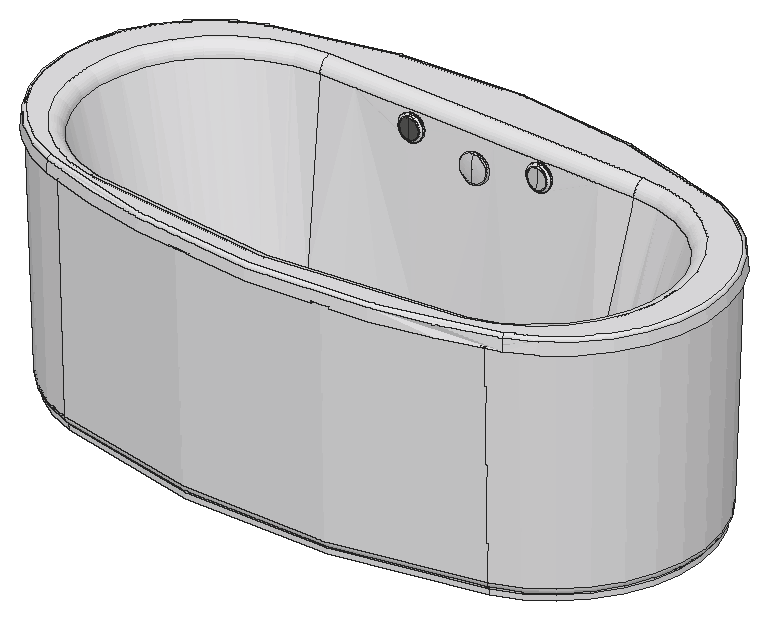
Revit family "Bath-Freestanding-BubbleMassage-Air_Bath-Heated_Surface-KOHLER-Sunstruck-K-1966", category Plumbing Fixtures, host Face, Revit 2015 (continued)
Definition of nested family "K-1966-GW"
  Automatic sketch dimensions
    plane 13 to Blend 18 sketch curve = 0.00859"
    plane 7 "A" to Blend 18 sketch curve = 5.85941"
    Blend 18 sketch curve to plane 3 "Center (Left/Right)" = 0.51065"
    Blend 18 sketch curve to plane 3 "Center (Left/Right)" = 0.22538"
    plane 13 to Blend 18 sketch curve = 0.07172"
    plane 14 "B" to Blend 18 sketch curve = 5.10922"
    plane 11 to Blend 18 sketch curve = 35.76477"
    plane 10 to Blend 18 sketch curve = 37.31344"
    Blend 18 sketch curve to plane 11 = 5.68291"
    Blend 18 sketch curve to Blend 18 sketch curve = 0"  (x4)
    plane 12 to Blend 18 sketch curve = 0.003"
    plane 7 "A" to Blend 18 sketch curve = 9.43902"
    Blend 18 sketch curve to plane 3 "Center (Left/Right)" = 0.80795"
    plane 1 "Center (Front/Back)" to Blend 18 sketch curve = 0.582"
    plane 14 "B" to Blend 18 sketch curve = 9.43902"
    plane 1 "Center (Front/Back)" to Blend 18 sketch curve = 0.75132"
    plane 10 to Blend 18 sketch curve = 56.71292"
    Revolve 19 sketch curve to plane 12 = 0.17166"
    Revolve 19 sketch curve to plane 12 = 0.10328"
    plane 12 to Revolve 19 sketch curve = 0.15385"
    plane 12 to Revolve 19 sketch curve = 0.1728"
    plane 12 to Revolve 19 sketch curve = 0.20658"
    Revolve 19 sketch curve to Revolve 19 sketch curve = 0.26209"
    Revolve 19 sketch curve to Revolve 19 sketch curve = 0.03831"
    Revolve 19 sketch curve to Revolve 19 sketch curve = 0.41981"
    plane 8 to Revolve 19 sketch curve = 2.7013"
    Revolve 19 sketch curve to Revolve 19 sketch curve = 0.01643"
    Revolve 19 sketch curve to Revolve 19 sketch curve = 0.03688"
    Revolve 19 sketch curve to Revolve 19 sketch curve = 0.03195"
    Revolve 19 sketch curve to Revolve 19 sketch curve = 0.22286"
    Revolve 19 sketch curve to Revolve 19 sketch curve = 0.68563"
    Revolve 19 sketch curve to Revolve 19 sketch curve = 0.3761"
    Revolve 19 sketch curve to Revolve 19 sketch curve = 0"
    Revolve 19 sketch curve to Revolve 19 sketch curve = 0.03635"
    Revolve 19 sketch curve to Revolve 19 sketch curve = 0.01994"
    plane 12 to Revolve 20 sketch curve = 0.18366"
    plane 12 to Revolve 20 sketch curve = 0.2357"
    Revolve 20 sketch curve to Revolve 20 sketch curve = 0.27308"
    Revolve 20 sketch curve to Revolve 20 sketch curve = 0.27231"
    plane 8 to Revolve 20 sketch curve = 2.68333"
    Revolve 20 sketch curve to Revolve 20 sketch curve = 0.04656"
    Revolve 20 sketch curve to Revolve 20 sketch curve = 0"  (x2)
    Revolve 20 sketch curve to Revolve 20 sketch curve = 0.00247"
    radius of curve 13 = 2.02708"
    radius of curve 14 = 1.36397"
    radius of Extrusion 16 sketch curve = 1/4"
Types (3): name | Type | Model | Finish
  (no name) | 1 | "K-1966-GW-0" | Kohler-Acrylic-0-White
  0-White | 1 | "K-1966-GW-0" | Kohler-Acrylic-0-White
  96-Biscuit | 2 | "K-1966-GW-96" | Kohler-Acrylic-96-Biscuit
